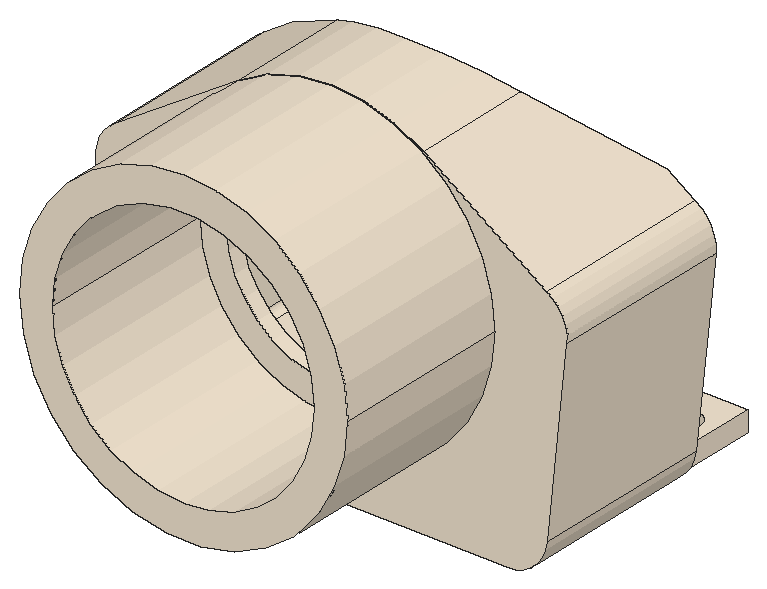
Revit family "Specialty_Equipment-Metal_Raceway-Hubbell_Wiring-Conduit_Connector-HBL3082", category Specialty Equipment, host Face, Revit 2015
Parameters
  URL = "http://www.hubbell-wiring.com/"
  Product data url = "https://bimobject.com/hubbellwiring/product/hubbell-metal-raceway-hbl3000"
  Product Page URL = "http://ecatalog.hubbell-wiring.com/ProductInformation/ViewCatalog.aspx?Dest=hubbell-wiring.com/press/catalog/r.pdf"
  Product Documentation Link = "http://www.hubbell-wiring.com/press/pdfs/h5233r08.pdf"
  Model = "HBL3082IV"
  Manufacturer = "Hubbell-Wiring Device Kellems"  # constant formula
  Description = "Conduit Connector"  # constant formula
  Default Elevation = 48.000"
  Cable Tray Material = Metal-Hubbell-Ivory
  B = 2.260"
  Assembly Code = "D5090900"
  A = 2.910"
Types (3): name | Model | Cable Tray Material
  (no name) | "HBL3082IV" | Metal-Hubbell-Ivory
  HBL3082GY | "HBL3082GY" | Metal-Hubbell-Gray
  HBL3082IV | "HBL3082IV" | Metal-Hubbell-Ivory
Reference planes (in)
  plane 1 "Center (Front/Back)": y = 0
  plane 2: z = 0
  plane 3 "Center (Left/Right)": x = 0
  plane 4: x = -1.455
  plane 5: x = 1.455
  plane 6: y = 1.13
  plane 7: y = -1.13
  plane 8: z = 2.26
  plane 9: z = 1.51
  plane 10: z = 0.07455
  plane 11: z = 0.2
  plane 12: x = -1.25
  plane 13: x = 1.23566
  plane 14: y = -2.25
  plane 15: y = 0.5
Forms (in)
  Extrusion 1, solid, material "Metal-Hubbell-Ivory" <- "Cable Tray Material"
    sketch origin (0, 0, 0) x (1, 0, 0) y (0, 0, 1)
      loop
        arc (-1.31325, 1.59092) -> (-1.41178, 1.48785) -> (-1.43794, 1.34767) r 0.25
        line (-1.43794, 1.34767) -> (-1.31982, 0.22387)
        arc (-1.31982, 0.22387) -> (-1.23847, 0.06421) -> (-1.07119, 0) r 0.25
        line (-1.07119, 0) -> (1.07119, 0)
        arc (1.07119, 0) -> (1.23847, 0.06421) -> (1.31982, 0.22387) r 0.25
        line (1.31982, 0.22387) -> (1.43794, 1.34767)
        arc (1.43794, 1.34767) -> (1.41178, 1.48785) -> (1.31325, 1.59092) r 0.25
        line (1.31325, 1.59092) -> (0.5599, 2.09094)
        arc (0.5599, 2.09094) -> (0, 2.25984) -> (-0.5599, 2.09094) r 1.01247
        line (-0.5599, 2.09094) -> (-1.31325, 1.59092)
      loop
        line (-1.07119, 0.2) -> (1.07119, 0.2)
        arc (1.07119, 0.2) -> (1.10465, 0.21284) -> (1.12092, 0.24477) r 0.05
        line (1.12092, 0.24477) -> (1.23903, 1.36858)
        arc (1.23903, 1.36858) -> (1.2338, 1.39661) -> (1.2141, 1.41723) r 0.05
        line (1.2141, 1.41723) -> (-1.2141, 1.41723)
        arc (-1.2141, 1.41723) -> (-1.2338, 1.39661) -> (-1.23903, 1.36858) r 0.05
        line (-1.23903, 1.36858) -> (-1.12092, 0.24477)
        arc (-1.12092, 0.24477) -> (-1.10465, 0.21284) -> (-1.07119, 0.2) r 0.05
    from 0 to 1.13
  Extrusion 2, solid, material "Metal-Hubbell-Ivory" <- "Cable Tray Material"
    sketch origin (0, 0, 0) x (1, 0, 0) y (0, 0, 1)
      loop
        line (-1.25, 0.07455) -> (1.23566, 0.07455) -> (1.23566, 0.2) -> (-1.25, 0.2) -> (-1.25, 0.07455)
    from -0.5 to 0
  Extrusion 3, solid, material "Metal-Hubbell-Ivory" <- "Cable Tray Material"
    sketch origin (0, 0, 0) x (1, 0, 0) y (0, 0, 1)
      loop
        circle (-0.0069, 1.25776) r 1
      loop
        circle (-0.0069, 1.25776) r 0.8
    from 1.13 to 2.25
  Extrusion 4, solid, material "Metal-Hubbell-Ivory" <- "Cable Tray Material"
    sketch origin (0, -1.13, 0) x (1, 0, 0) y (0, 0, 1)
      loop
        line (-1.23903, 1.36858) -> (-1.12092, 0.24477)
        arc (-1.12092, 0.24477) -> (-1.10465, 0.21284) -> (-1.07119, 0.2) r 0.05
        line (-1.07119, 0.2) -> (1.07119, 0.2)
        arc (1.07119, 0.2) -> (1.10465, 0.21284) -> (1.12092, 0.24477) r 0.05
        line (1.12092, 0.24477) -> (1.23903, 1.36858)
        arc (1.23903, 1.36858) -> (1.2338, 1.39661) -> (1.2141, 1.41723) r 0.05
        line (1.2141, 1.41723) -> (-1.2141, 1.41723)
        arc (-1.2141, 1.41723) -> (-1.2338, 1.39661) -> (-1.23903, 1.36858) r 0.05
    from -0.1 to 0
  Extrusion 5, void
    sketch origin (0, -2.25, 0) x (-1, 0, 0) y (0, 0, 1)
      loop
        circle (0.0069, 1.25776) r 0.63
    from -1 to 1.74881
  Extrusion 6, void
    sketch origin (0, 0, 0) x (0, 1, 0) y (0, 0, 1)
      loop
        line (0.11885, 2.41966) -> (-0.71384, 2.41966) -> (0.11885, 1.58697) -> (0.11885, 2.41966)
    from -1.5 to 1.5
  Extrusion 7, void, detail levels medium+fine
    sketch origin (0, 0, 0) x (1, 0, 0) y (0, 1, 0)
      loop
        circle (-1.05544, 0.24036) r 0.1
      loop
        circle (0, 0.24664) r 0.1
      loop
        circle (1.05544, 0.24036) r 0.1
    from 0.07455 to 0.2
Cuts and joins
  Extrusion 5, Extrusion 6 cuts Extrusion 1
  Extrusion 5, Extrusion 6 cuts Extrusion 4
  joined: Extrusion 1, Extrusion 4
  Extrusion 7 cuts Extrusion 2
Lines and regions (in)
  reference lines
    curve 1: line (-1.31325, 0, 1.59092) -> (-0.26383, 0, 2.19)
    curve 2: line (1.31325, 0, 1.59092) -> (0.26383, 0, 2.19)
    curve 3: arc (-0.26383, 0, 2.19) -> (0, 0, 2.26) -> (0.26383, 0, 2.19) r 0.53215
    curve 4: line (-1.43794, 0, 1.34767) -> (-1.31982, 0, 0.22387)
    curve 5: line (1.43794, 0, 1.34767) -> (1.31982, 0, 0.22387)
    curve 6: line (-1.07119, 0, 0) -> (1.07119, 0, 0)
    curve 7: arc (-1.31325, 0, 1.59092) -> (-1.41178, 0, 1.48785) -> (-1.43794, 0, 1.34767) r 0.25
    curve 8: arc (-1.31982, 0, 0.22387) -> (-1.23847, 0, 0.06421) -> (-1.07119, 0, 0) r 0.25
    curve 9: arc (1.43794, 0, 1.34767) -> (1.41178, 0, 1.48785) -> (1.31325, 0, 1.59092) r 0.25
    curve 10: arc (1.31982, 0, 0.22387) -> (1.23847, 0, 0.06421) -> (1.07119, 0, 0) r 0.25
    curve 11: arc (1.23903, 0, 1.36858) -> (1.2338, 0, 1.39661) -> (1.2141, 0, 1.41723) r 0.05
    curve 12: line (1.23903, 0, 1.36858) -> (1.12092, 0, 0.24477)
    curve 13: arc (1.12092, 0, 0.24477) -> (1.10465, 0, 0.21284) -> (1.07119, 0, 0.2) r 0.05
    curve 14: line (-1.07119, 0, 0.2) -> (1.07119, 0, 0.2)
    curve 15: arc (-1.12092, 0, 0.24477) -> (-1.10465, 0, 0.21284) -> (-1.07119, 0, 0.2) r 0.05
    curve 16: line (-1.23903, 0, 1.36858) -> (-1.12092, 0, 0.24477)
    curve 17: arc (-1.2141, 0, 1.41723) -> (-1.2338, 0, 1.39661) -> (-1.23903, 0, 1.36858) r 0.05
    curve 18: line (-1.2141, 0, 1.41723) -> (1.2141, 0, 1.41723)
    curve 19: line (-1.25, 0, 0.2) -> (1.23566, 0, 0.2)
    curve 20: line (-1.25, 0, 0.07455) -> (-1.25, 0, 0.2)
    curve 21: line (1.23566, 0, 0.07455) -> (-1.25, 0, 0.07455)
    curve 22: line (1.23566, 0, 0.2) -> (1.23566, 0, 0.07455)
    curve 23: line (0, -1.13, 2.26) -> (0, 0, 2.26)
    curve 24: line (0, 0, 2.26) -> (0, 0, 1.41723)
    curve 25: circle (-0.0069, 0, 1.25776) r 1 normal (0, -1, 0)
    curve 26: circle (-0.0069, 0, 1.25776) r 0.8 normal (0, -1, 0)
    curve 27: circle (-0.0069, 0, 1.25776) r 0.63 normal (0, -1, 0)
  symbolic lines
    curve 28: line (1.23566, 0.5, 0) -> (-1.25, 0.5, 0)
    curve 29: line (-1.25, 0.5, 0) -> (-1.25, 0, 0)
    curve 30: line (1.23566, 0, 0) -> (1.23566, 0.5, 0)
    curve 31: arc (0.95544, 0.24036, 0) -> (1.05544, 0.14036, 0) -> (1.15544, 0.24036, 0) r 0.1
    curve 32: arc (1.15544, 0.24036, 0) -> (1.05544, 0.34036, 0) -> (0.95544, 0.24036, 0) r 0.1
    curve 33: arc (-0.1, 0.24664, 0) -> (0, 0.14664, 0) -> (0.1, 0.24664, 0) r 0.1
    curve 34: arc (0.1, 0.24664, 0) -> (0, 0.34664, 0) -> (-0.1, 0.24664, 0) r 0.1
    curve 35: arc (-0.95544, 0.24036, 0) -> (-1.05544, 0.14036, 0) -> (-1.15544, 0.24036, 0) r 0.1
    curve 36: arc (-1.15544, 0.24036, 0) -> (-1.05544, 0.34036, 0) -> (-0.95544, 0.24036, 0) r 0.1
    curve 37: line (-1.0069, -2.25, 0) -> (0.9931, -2.25, 0)
    curve 38: line (-1.25, 0, 0) -> (-1.455, 0, 0)
    curve 39: line (-1.455, 0, 0) -> (-1.455, -1.13, 0)
    curve 40: line (-1.455, -1.13, 0) -> (-1.0069, -1.13, 0)
    curve 41: line (-1.0069, -1.13, 0) -> (-1.0069, -2.25, 0)
    curve 42: line (1.23566, 0, 0) -> (1.455, 0, 0)
    curve 43: line (1.455, 0, 0) -> (1.455, -1.13, 0)
    curve 44: line (1.455, -1.13, 0) -> (0.9931, -1.13, 0)
    curve 45: line (0.9931, -1.13, 0) -> (0.9931, -2.25, 0)
    curve 46: line (1.31325, 0, 1.59092) -> (0.5599, 0, 2.09094)
    curve 47: arc (0.5599, 0, 2.09094) -> (0, 0, 2.25984) -> (-0.5599, 0, 2.09094) r 1.01247
    curve 48: line (-0.5599, 0, 2.09094) -> (-1.31325, 0, 1.59092)
    curve 49: arc (-1.31325, 0, 1.59092) -> (-1.41178, 0, 1.48785) -> (-1.43794, 0, 1.34767) r 0.25
    curve 50: line (-1.43794, 0, 1.34767) -> (-1.31982, 0, 0.22387)
    curve 51: arc (-1.31982, 0, 0.22387) -> (-1.23847, 0, 0.06421) -> (-1.07119, 0, 0) r 0.25
    curve 52: line (-1.07119, 0, 0) -> (1.07119, 0, 0)
    curve 53: arc (1.07119, 0, 0) -> (1.23847, 0, 0.06421) -> (1.31982, 0, 0.22387) r 0.25
    curve 54: line (1.31982, 0, 0.22387) -> (1.43794, 0, 1.34767)
    curve 55: line (1.23903, 0, 1.36858) -> (1.12092, 0, 0.24477)
    curve 56: arc (1.2141, 0, 1.41723) -> (1.2338, 0, 1.39661) -> (1.23903, 0, 1.36858) r 0.05
    curve 57: line (-1.2141, 0, 1.41723) -> (1.2141, 0, 1.41723)
    curve 58: arc (-1.23903, 0, 1.36858) -> (-1.2338, 0, 1.39661) -> (-1.2141, 0, 1.41723) r 0.05
    curve 59: line (-1.12092, 0, 0.24477) -> (-1.23903, 0, 1.36858)
    curve 60: arc (0.6231, 0, 1.25776) -> (-0.0069, 0, 0.62776) -> (-0.6369, 0, 1.25776) r 0.63
    curve 61: arc (-0.6369, 0, 1.25776) -> (-0.0069, 0, 1.88776) -> (0.6231, 0, 1.25776) r 0.63
    curve 62: line (1.23566, 0, 0.07455) -> (1.23566, 0, 0.2)
    curve 63: line (1.23566, 0, 0.2) -> (-1.25, 0, 0.2)
    curve 64: line (-1.25, 0, 0.07455) -> (1.23566, 0, 0.07455)
    curve 65: line (-1.25, 0, 0.2) -> (-1.25, 0, 0.07455)
    curve 66: arc (1.43794, 0, 1.34767) -> (1.41178, 0, 1.48785) -> (1.31325, 0, 1.59092) r 0.25
    curve 67: arc (1.12092, 0, 0.24477) -> (1.10465, 0, 0.21284) -> (1.07119, 0, 0.2) r 0.05
    curve 68: line (1.07119, 0, 0.2) -> (-1.07119, 0, 0.2)
    curve 69: arc (-1.07119, 0, 0.2) -> (-1.10465, 0, 0.21284) -> (-1.12092, 0, 0.24477) r 0.05
    curve 70: line (0, 0.5, 0.07455) -> (0, 0.5, 0.2)
    curve 73: line (0, 0.5, 0.07455) -> (0, 0.5, 0.2)
    curve 74: line (0, 0.5, 0.2) -> (0, 0, 0.2)
    curve 75: line (0, 0, 0.07455) -> (0, 0.5, 0.07455)
  symbolic lines, style "Symbolic Lines"
    curve 71: line (0, -0.55417, 2.26) -> (0, 0, 1.70583)
    curve 72: line (0, -1.13, 2.26) -> (0, -1.13, 0)
    curve 76: line (0, 0, 0) -> (0, 0, 1.70583)
    curve 77: line (0, 0, 0) -> (0, -1.13, 0)
    curve 78: line (0, -0.55417, 2.26) -> (0, -2.25, 2.26)
    curve 79: line (0, -2.25, 2.26) -> (0, -2.25, 0.07455)
    curve 80: line (0, -2.25, 0.07455) -> (0, -1.13, 0.07455)
Dimensions and locks (in)
  plane 6 to plane 7 = 2.260"
  "B": plane 8 to level
  plane 10 to level = 0.07455"
  locked: plane 11 to plane 10 at 0.12545
  plane 15 to plane 14 = 2.750"
  "A": plane 5 to plane 4
  equal spacing: plane 5, plane 3 "Center (Left/Right)", plane 4
  aligned and locked: plane 2 to host face
  aligned and locked: level to host face
  aligned and locked: Extrusion 1 sketch curve to curve 9
  aligned and locked: Extrusion 1 sketch curve to curve 10
  aligned and locked: Extrusion 1 sketch curve to curve 7
  aligned and locked: Extrusion 1 sketch curve to curve 13
  aligned and locked: Extrusion 1 sketch curve to curve 11
  aligned and locked: Extrusion 1 sketch curve to curve 17
  aligned and locked: Extrusion 1 sketch curve to curve 15
  aligned and locked: Extrusion 2 to Extrusion 1
  aligned and locked: plane 15 to Extrusion 2
  aligned and locked: Extrusion 3 sketch curve to curve 25
  aligned and locked: Extrusion 3 sketch curve to curve 26
  aligned and locked: Extrusion 4 sketch curve to Extrusion 1  (x4)
  aligned and locked: Extrusion 5 sketch curve to curve 27
  aligned and locked: Extrusion 1 to plane 7
  aligned and locked: plane 7 to Extrusion 3
  aligned and locked: Extrusion 3 to plane 14
  aligned and locked: Extrusion 1 to plane 1 "Center (Front/Back)"
  aligned and locked: Extrusion 7 to curve 20
  aligned and locked: curve 20 to Extrusion 7
  aligned: curve 31 to cut or joined group of Extrusion 2, Extrusion 7
  aligned and locked: curve 32 to cut or joined group of Extrusion 2, Extrusion 7
  aligned and locked: curve 33 to cut or joined group of Extrusion 2, Extrusion 7
  aligned: curve 34 to cut or joined group of Extrusion 2, Extrusion 7
  aligned and locked: curve 35 to cut or joined group of Extrusion 2, Extrusion 7
  aligned: curve 36 to cut or joined group of Extrusion 2, Extrusion 7
  aligned and locked: curve 47 to cut or joined group of Extrusion 1, Extrusion 4, Extrusion 5, Extrusion 6
  aligned and locked: curve 49 to cut or joined group of Extrusion 1, Extrusion 4, Extrusion 5, Extrusion 6
  aligned and locked: curve 51 to cut or joined group of Extrusion 1, Extrusion 4, Extrusion 5, Extrusion 6
  aligned and locked: curve 53 to cut or joined group of Extrusion 1, Extrusion 4, Extrusion 5, Extrusion 6
  aligned and locked: curve 56 to cut or joined group of Extrusion 1, Extrusion 4, Extrusion 5, Extrusion 6
  aligned and locked: curve 58 to cut or joined group of Extrusion 1, Extrusion 4, Extrusion 5, Extrusion 6
  aligned and locked: curve 60 to cut or joined group of Extrusion 1, Extrusion 4, Extrusion 5, Extrusion 6
  aligned: curve 61 to cut or joined group of Extrusion 1, Extrusion 4, Extrusion 5, Extrusion 6
  aligned and locked: curve 66 to cut or joined group of Extrusion 1, Extrusion 4, Extrusion 5, Extrusion 6
  aligned and locked: curve 67 to cut or joined group of Extrusion 1, Extrusion 4, Extrusion 5, Extrusion 6
  aligned and locked: curve 69 to cut or joined group of Extrusion 1, Extrusion 4, Extrusion 5, Extrusion 6
Automatic sketch dimensions
  curve 39 to plane 4 = 0.000"
  curve 28 to plane 12 = 0.000"
  curve 40 to plane 7 = 0.000"
  curve 41 to plane 14 = 0.000"
  curve 44 to plane 7 = 0.000"
  plane 1 "Center (Front/Back)" to curve 42 = 0.000"
  curve 42 to plane 13 = 0.000"
  curve 43 to plane 5 = 0.000"
  plane 1 "Center (Front/Back)" to curve 38 = 0.000"
  curve 29 to plane 15 = 0.000"
  plane 12 to curve 40 = 0.2431"
  curve 44 to plane 13 = 0.24255"
  curve 79 to plane 10 = 0.000"
  curve 79 to plane 14 = 0.000"
  curve 72 to plane 7 = 0.000"
  curve 71 to plane 8 = 0.000"
  curve 71 to plane 1 "Center (Front/Back)" = 0.000"
  curve 75 to plane 10 = 0.000"
  curve 75 to plane 15 = 0.000"
  curve 72 to level = 0.000"
  curve 74 to plane 11 = 0.000"
  plane 1 "Center (Front/Back)" to curve 71 = 0.55417"
  plane 9 to curve 76 = 0.19583"
  curve 64 to plane 10 = 0.000"
  curve 64 to plane 12 = 0.000"
  curve 68 to plane 11 = 0.000"
  curve 64 to plane 13 = 0.000"
  curve 49 to plane 12 = 0.06325"
  plane 11 to curve 51 = 0.02387"
  plane 4 to curve 49 = 0.01706"
  plane 12 to curve 58 = 0.01097"
  plane 12 to curve 57 = 0.0359"
  plane 11 to curve 69 = 0.04477"
  curve 68 to curve 69 = 0.000"
  curve 48 to plane 8 = 0.16906"
  curve 46 to plane 8 = 0.16906"
  curve 68 to curve 67 = 0.000"
  plane 11 to curve 67 = 0.04477"
  plane 13 to curve 55 = 0.00338"
  plane 13 to curve 66 = 0.07759"
  plane 11 to curve 54 = 0.02387"
  curve 54 to plane 5 = 0.01706"
  host sketch curve to host sketch curve = 96.000"  (x2)
  curve 7 to curve 17 = 0.000"  (x2)
  curve 8 to curve 15 = 0.000"  (x2)
  curve 9 to curve 11 = 0.000"  (x2)
  curve 10 to curve 13 = 0.000"  (x2)
  curve 25 to curve 26 = 0.000"  (x2)
  curve 25 to curve 27 = 0.000"  (x2)
  curve 26 to curve 27 = 0.000"  (x2)
  curve 19 to plane 11 = 0.000"
  curve 19 to plane 12 = 0.000"
  curve 6 to level = 0.000"
  curve 14 to plane 11 = 0.000"
  curve 3 to plane 3 "Center (Left/Right)" = 0.000"
  curve 22 to plane 10 = 0.000"
  curve 22 to plane 13 = 0.000"
  curve 1 to plane 12 = 0.06325"
  plane 11 to curve 8 = 0.02387"
  curve 8 to plane 12 = 0.06982"
  plane 4 to curve 4 = 0.01706"
  plane 12 to curve 17 = 0.01097"
  plane 12 to curve 17 = 0.0359"
  curve 18 to curve 17 = 0.02479"
  plane 11 to curve 15 = 0.04477"
  curve 16 to curve 15 = 0.04973"
  curve 3 to plane 8 = 0.070"
  curve 3 to plane 3 "Center (Left/Right)" = 0.26383"
  curve 25 to plane 3 "Center (Left/Right)" = 0.0069"
  curve 2 to plane 8 = 0.070"
  curve 13 to curve 19 = 0.16447"
  curve 10 to curve 13 = 0.04973"
  curve 11 to plane 13 = 0.04635"
  curve 11 to plane 13 = 0.02156"
  plane 13 to curve 11 = 0.00338"
  plane 13 to curve 2 = 0.07759"
  plane 11 to curve 5 = 0.02387"
  curve 19 to curve 5 = 0.08417"
  curve 9 to plane 5 = 0.01706"
  curve 25 to plane 9 = 0.25224"
  curve 4 to plane 9 = 0.16233"
  curve 9 to plane 9 = 0.16233"
  curve 11 to plane 9 = 0.14142"
  curve 17 to plane 9 = 0.14142"
  curve 16 to curve 17 = 0.00523"
  plane 9 to curve 3 = 0.21785"
  Extrusion 1 sketch curve to Extrusion 1 sketch curve = 0.000"  (x2)
  Extrusion 1 sketch curve to plane 3 "Center (Left/Right)" = 0.000"
  plane 12 to Extrusion 1 sketch curve = 0.0359"
  plane 12 to Extrusion 1 sketch curve = 0.01097"
  Extrusion 1 sketch curve to plane 12 = 0.06325"
  plane 11 to Extrusion 1 sketch curve = 0.02387"  (x2)
  plane 4 to Extrusion 1 sketch curve = 0.01706"
  plane 11 to Extrusion 1 sketch curve = 0.04477"  (x2)
  Extrusion 1 sketch curve to plane 8 = 0.16906"  (x2)
  Extrusion 1 sketch curve to plane 3 "Center (Left/Right)" = 0.5599"
  plane 13 to Extrusion 1 sketch curve = 0.00338"
  plane 13 to Extrusion 1 sketch curve = 0.07759"
  Extrusion 1 sketch curve to plane 5 = 0.01706"
  Extrusion 1 sketch curve to plane 9 = 0.26263"
  Extrusion 2 sketch curve to plane 11 = 0.000"
  Extrusion 2 sketch curve to plane 12 = 0.000"
  Extrusion 2 sketch curve to plane 10 = 0.000"
  Extrusion 2 sketch curve to plane 13 = 0.000"
  curve 23 to plane 7 = 0.000"
  curve 24 to plane 1 "Center (Front/Back)" = 0.000"
  curve 24 to plane 8 = 0.000"
  curve 24 to plane 9 = 0.09277"
  Extrusion 4 sketch curve to Extrusion 1 = 0.000"
  Extrusion 1 to Extrusion 4 sketch curve = 0.04865"  (x2)
  Extrusion 1 to Extrusion 4 sketch curve = 0.04477"  (x2)
  plane 8 to Extrusion 6 sketch curve = 0.15966"
  plane 7 to Extrusion 6 sketch curve = 0.41616"
  Extrusion 6 sketch curve to plane 1 "Center (Front/Back)" = 0.11885"
  plane 9 to Extrusion 6 sketch curve = 0.07697"
  Extrusion 7 sketch curve to plane 3 "Center (Left/Right)" = 0.000"
  plane 12 to Extrusion 7 sketch curve = 0.19456"
  Extrusion 7 sketch curve to plane 13 = 0.18022"
  Extrusion 7 sketch curve to plane 1 "Center (Front/Back)" = 0.24036"  (x2)
  Extrusion 7 sketch curve to plane 1 "Center (Front/Back)" = 0.24664"
  radius of curve 25 = 1.000"
  radius of curve 26 = 0.800"
  radius of curve 27 = 0.630"
  radius of Extrusion 7 sketch curve = 0.100"  (x3)
